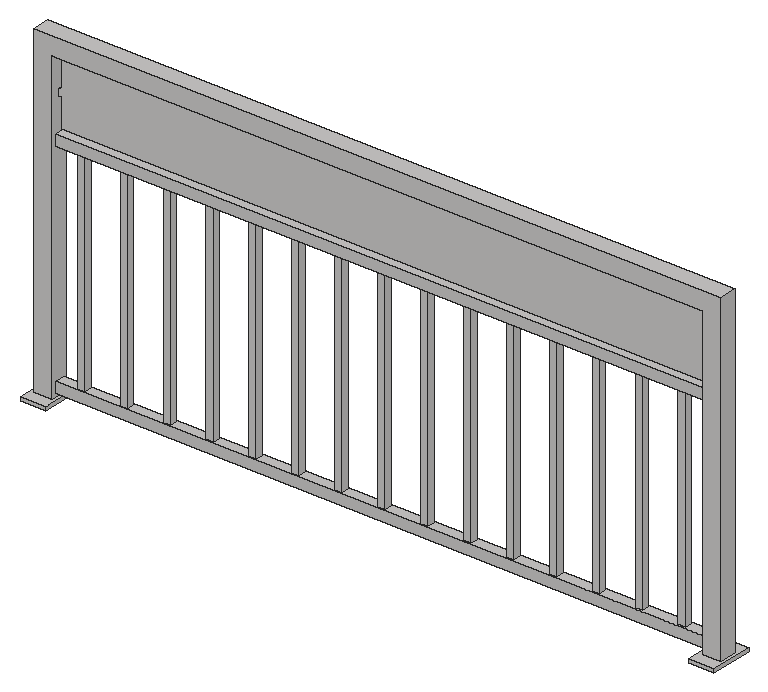
Revit family "Bicycle-Racks_Huntco_Custom-LC", category Site, host Face, Revit 2026
Family settings
  Host = Face
  Round Connector Dimension = Use Diameter
  Part Type = Normal
  Classification Number = 23.40.10.11.11
  Cut with Voids When Loaded = No
  Shared = No
Parameters (values of type "LC14")
  rodcalc = (Unit Width - (0' 11")) / 0' 5 1/2"  # 15.4545
  holediameter = if(Surface Mounted, 0' 0 1/2", 0' 6")  # 0' - 0 1/2"
  holedepth = if(Surface Mounted, 0' 4", 1' 0")  # 0' - 4"
  extralength = if(Surface Mounted, 0' 0", 0' 11")  # 0' - 0"
  Warranty Duration (Years) = 0
  Unit Width = 8' - 0"
  Unit Weight = 0
  Unit Height = 3' - 10"
  Unit Depth = 0' - 2 1/2"
  URL = "http://www.huntco.com/"
  Test Data = ""
  Surface Mounted = yes
  Specification = "http://www.arcat.com/sdspecs/htm/02871hco.htm"
  SpecWizard = ""
  Send Message = "http://www.arcat.com/users.pl?action=UserEmail&company=Huntco+Supply+LLC&coid=39482&rep=133&fax=503-274-2055&mf="
  Sales Information = ""
  Revision = "R1_11_2012"
  Product Properties = ""
  Product Data = "http://www.arcat.com/arcatcos/cos39/arc39482.html"
  Post = Metal - Steel - Huntco - Stainless
  Plate = Metal - Steel - Huntco - Stainless
  Pipe = Metal - Steel - Huntco - Stainless
  No of Rods = rodcalc  # 15
  Model = "LC14"
  Manufacturer Website = "http://www.huntco.com/"
  Manufacturer Phone - Toll Free = "800-547-5909"
  Manufacturer Phone = "503-224-8700"
  Manufacturer Fax = "503-274-2055"
  Manufacturer Address = "Huntco Supply LLC P. O. Box 10385 Portland, OR 97296"
  Manufacturer = "Huntco Supply LLC"
  Maintenance Schedule (Months) = 0
  Keynote = "02871"
  Installation-Fabrication = ""
  Installation Phase = ""
  Green Building-LEED = "http://www.arcat.com/green/clients/leed_data_39482.html"
  Expected Lifespan (Years) = 0
  Embedded Mounted = not(Surface Mounted)  # no
  Drawn By = "Sumex Design, Inc. / Robert S. Weygant, CSI, CDT, SCIP"
  Description = "Huntco LC Series Bike Rack - Model LC14"
  Default Elevation = 4' - 0"
  Copyright = "©Arcat Inc."
  Construction Details = "http://www.arcat.com/details/huntcosu/huntcosu.html?coid=39482"
  Capacity = "Bike Capacity as Specified"
  Building Codes = ""
  Assembly Code = "G2040500"
Types (9): name | rodcalc | Unit Width | No of Rods | Model | Description
  LC14 | 15.4545 | 8' - 0" | 15 | "LC14" | "Huntco LC Series Bike Rack - Model LC14"
  LC13 | 14.3636 | 7' - 6" | 14 | "LC13" | "Huntco LC Series Bike Rack - Model LC13"
  LC12 | 13.2727 | 7' - 0" | 13 | "LC12" | "Huntco LC Series Bike Rack - Model LC12"
  LC11 | 12.1818 | 6' - 6" | 12 | "LC11" | "Huntco LC Series Bike Rack - Model LC11"
  LC10 | 11.0909 | 6' - 0" | 11 | "LC10" | "Huntco LC Series Bike Rack - Model LC10"
  LC9 | 10 | 5' - 6" | 10 | "LC9" | "Huntco LC Series Bike Rack - Model LC9"
  LC8 | 8.9091 | 5' - 0" | 9 | "LC8" | "Huntco LC Series Bike Rack - Model LC8"
  LC7 | 7.8182 | 4' - 6" | 8 | "LC7" | "Huntco LC Series Bike Rack - Model LC7"
  LC6 | 6.7273 | 4' - 0" | 7 | "LC6" | "Huntco LC Series Bike Rack - Model LC6"
Reference planes (in)
  plane 1 "Center (Front/Back)": y = 0
  plane 2: z = 0
  plane 3 "Center (Left/Right)": x = 0
  plane 4: y = 1.25
  plane 5: y = -1.25
  plane 6: x = 48
  plane 7: z = 46
  plane 8: x = -48
  plane 9: z = 0
  plane 10: z = -4
Forms (in)
  Extrusion 1, solid, material "Metal - Steel - Huntco - Stainless" <- "Post"
    sketch origin (0, 0, 0) x (0, 1, 0) y (0, 0, 1)
      loop
        line (0.75, 33.5) -> (-0.75, 33.5) -> (-0.75, 32) -> (0.75, 32) -> (0.75, 33.5)
      loop
        line (0.75, 2.5) -> (-0.75, 2.5) -> (-0.75, 1) -> (0.75, 1) -> (0.75, 2.5)
    from -45.5 to 45.5
  Extrusion 2, solid, material "Metal - Steel - Huntco - Stainless" <- "Post", visible <- "Surface Mounted"
    sketch origin (0, 0, 0) x (1, 0, 0) y (0, 1, 0)
      loop
        line (48.5, 3) -> (45, 3) -> (45, -3) -> (48.5, -3) -> (48.5, 3)
      loop
        line (-48.5, 3) -> (-48.5, -3) -> (-45, -3) -> (-45, 3) -> (-48.5, 3)
    from 0 to 0.5
  Extrusion 3, solid, material "Metal - Steel - Huntco - Stainless" <- "Plate"
    sketch origin (0, 0, 0) x (1, 0, 0) y (0, 0, 1)
      loop
        line (-45, 34) -> (45, 34) -> (45, 38) -> (45.5, 38) -> (45.5, 39) -> (45, 39) -> (45, 43) -> (-45, 43) -> (-45, 39) -> (-45.5, 39) -> (-45.5, 38) -> (-45, 38) -> (-45, 34)
    from -0.125 to 0.125
  Sweep 4, solid, material "Metal - Steel - Huntco - Stainless" <- "Post"
    path origin (0, 0, 0) x (1, 0, 0) y (0, 0, 1)
      loop
        line (-48, 0) -> (-48, 46) -> (48, 46) -> (48, 0)
    profile origin (-48, 0, 23) x (-1, 0, 0) y (0, -1, 0)
      loop
        line (0, 1.25) -> (-2.5, 1.25) -> (-2.5, -1.25) -> (0, -1.25) -> (0, 1.25)
  Extrusion 5, void
    sketch origin (0, 0, 0) x (1, 0, 0) y (0, 1, 0)
      loop
        circle (-46.75, 0) r 0.25
      loop
        circle (46.75, 0) r 0.25
    from -4 to 1
Dimensions and locks (in)
  "Unit Height": plane 7 to level
  equal spacing: plane 4, plane 1 "Center (Front/Back)", plane 5
  "Unit Depth": plane 4 to plane 5
  locked: Extrusion 2 sketch curve to Extrusion 2 sketch curve at 3.5  (x2)
  locked: plane 6 to Extrusion 2 sketch curve at 0.5
  locked: Extrusion 3 sketch curve to Extrusion 3 sketch curve at 0.5
  equal spacing: group 1, group 3, group 4, group 5, group 6, group 7, group 8, group 9, group 10, group 11, group 12, group 13, group 14, group 15, group 2  (x3)
  equal spacing: plane 8, plane 3 "Center (Left/Right)", plane 6
  "Unit Width": plane 8 to plane 6
  locked: Extrusion 2 sketch curve to plane 8 at 0.5
  locked: Extrusion 1 to plane 8 at 2.5
  locked: Extrusion 3 sketch curve to plane 8 at 2.5
  locked: plane 6 to Extrusion 1 at 2.5
  "extralength": host face to plane 9
  "holedepth": host face to plane 10
  locked: plane 8 to Extrusion 5 sketch curve at 1.25
  locked: Extrusion 5 sketch curve to plane 6 at 1.25
  "holediameter": Extrusion 5 sketch curve to Extrusion 5 sketch curve  (x2)
  aligned and locked: plane 2 to host face
  aligned and locked: level to host face
  aligned and locked: Extrusion 3 sketch curve to Extrusion 3 sketch curve  (x2)
  aligned and locked: plane 6 to nested 2
  aligned and locked: plane 8 to Sweep 4 sketch curve
  aligned and locked: Sweep 4 sketch curve to plane 7
  aligned and locked: Sweep 4 sketch curve to plane 6
  aligned and locked: plane 8 to nested 1
  aligned and locked: plane 9 to Sweep 4 sketch curve
  aligned and locked: Sweep 4 sketch curve to plane 9
  aligned and locked: Extrusion 5 to plane 10
Automatic sketch dimensions
  host sketch curve to host sketch curve = 8' - 0"  (x2)
  plane 1 "Center (Front/Back)" to Extrusion 1 sketch curve = 0' - 0 3/4"  (x2)
  Extrusion 1 sketch curve to plane 1 "Center (Front/Back)" = 0' - 0 3/4"  (x2)
  level to Extrusion 1 sketch curve = 0' - 1"
  Extrusion 1 sketch curve to Extrusion 1 sketch curve = 0' - 1 1/2"  (x2)
  Extrusion 1 sketch curve to plane 7 = 1' - 2"
  Extrusion 3 sketch curve to plane 7 = 1' - 0"
  Extrusion 3 sketch curve to Extrusion 3 sketch curve = 0' - 4"  (x2)
  Extrusion 3 sketch curve to Extrusion 3 sketch curve = 0' - 1"  (x2)
  Extrusion 3 sketch curve to plane 7 = 0' - 3"
  plane 1 "Center (Front/Back)" to Sweep 4 sketch curve = 0' - 1 1/4"
  profile plane to Sweep 4 sketch curve = 0' - 2 1/2"
  Sweep 4 sketch curve to plane 1 "Center (Front/Back)" = 0' - 1 1/4"
  Sweep 4 sketch curve to Sweep 4 sketch curve = 0' - 2 1/2"
  Extrusion 3 sketch curve to plane 6 = 0' - 3"
  Extrusion 3 sketch curve to Extrusion 3 sketch curve = 0' - 0 1/2"
  plane 1 "Center (Front/Back)" to Extrusion 2 sketch curve = 0' - 3"  (x2)
  Extrusion 2 sketch curve to plane 1 "Center (Front/Back)" = 0' - 3"  (x2)
  Extrusion 5 sketch curve to plane 1 "Center (Front/Back)" = 0' - 0"  (x2)
Nested families (in)
  nested 1: "Square Rod" at (-48, 0, 0), type "Square Rod"
  nested 2: "Square Rod" at (36, 0, 0), type "Square Rod"
  nested 3: "Square Rod" at (-42, 0, 0), type "Square Rod"
  nested 4: "Square Rod" at (-36, 0, 0), type "Square Rod"
  nested 5: "Square Rod" at (-30, 0, 0), type "Square Rod"
  nested 6: "Square Rod" at (-24, 0, 0), type "Square Rod"
  nested 7: "Square Rod" at (-18, 0, 0), type "Square Rod"
  nested 8: "Square Rod" at (-12, 0, 0), type "Square Rod"
  nested 9: "Square Rod" at (-6, 0, 0), type "Square Rod"
  nested 10: "Square Rod" at (0, 0, 0), type "Square Rod"
  nested 11: "Square Rod" at (6, 0, 0), type "Square Rod"
  nested 12: "Square Rod" at (12, 0, 0), type "Square Rod"
  nested 13: "Square Rod" at (18, 0, 0), type "Square Rod"
  nested 14: "Square Rod" at (24, 0, 0), type "Square Rod"
  nested 15: "Square Rod" at (30, 0, 0), type "Square Rod"
Definition of nested family "Square Rod"
  Parameters
    Warranty Duration (Years) = 0
    Unit Width = 0' - 0"
    Unit Weight = 0
    Unit Length = 8' - 0"
    Unit Depth = 3' - 10"
    URL = "http://www.huntco.com/"
    Test Data = ""
    Specification = "http://www.arcat.com/sdspecs/htm/02871hco.htm"
    SpecWizard = ""
    Send Message = "http://www.arcat.com/users.pl?action=UserEmail&company=Huntco+Supply+LLC&coid=39482&rep=133&fax=503-274-2055&mf="
    Sales Information = ""
    Rod = none
    Revision = "R1_11_2012"
    Product Properties = ""
    Product Data = "http://www.arcat.com/arcatcos/cos39/arc39482.html"
    Model = "As Specified"
    Manufacturer Website = "http://www.huntco.com/"
    Manufacturer Phone - Toll Free = "800-547-5909"
    Manufacturer Phone = "503-224-8700"
    Manufacturer Fax = "503-274-2055"
    Manufacturer Address = "Huntco Supply LLC P. O. Box 10385 Portland, OR 97296"
    Manufacturer = "Huntco Supply LLC"
    Maintenance Schedule (Months) = 0
    Keynote = "02871"
    Installation-Fabrication = ""
    Installation Phase = ""
    Green Building-LEED = "http://www.arcat.com/green/clients/leed_data_39482.html"
    Expected Lifespan (Years) = 0
    Drawn By = "Sumex Design, Inc. / Robert S. Weygant, CSI, CDT, SCIP"
    Description = "Huntco Product as Specified"
    Default Elevation = 4' - 0"
    Copyright = "©Arcat Inc."
    Construction Details = "http://www.arcat.com/details/huntcosu/huntcosu.html?coid=39482"
    Capacity = "Bike Capacity as Specified"
    Building Codes = ""
    Assembly Code = "G2040500"
  Reference planes (in)
    plane 1 "Center (Front/Back)": y = 0
    plane 2: z = 0
    plane 3 "Center (Left/Right)": x = 0
    plane 4: y = 10
    plane 5: y = -10
    plane 6: x = 96
    plane 7: z = 46
    plane 8: x = 12
  Forms (in)
    Extrusion 1, solid
      sketch origin (0, 0, 0) x (1, 0, 0) y (0, 1, 0)
        loop
          line (-48, 48) -> (-48, -48) -> (48, -48) -> (48, 48) -> (-48, 48)
      from 0 to -12
    Extrusion 2, solid, material <- "Rod"
      sketch origin (0, 0, 0) x (1, 0, 0) y (0, 1, 0)
        loop
          line (5.5, 0.5) -> (5.5, -0.5) -> (6.5, -0.5) -> (6.5, 0.5) -> (5.5, 0.5)
      from 2.5 to 32
  Dimensions and locks (in)
    "Unit Depth": plane 7 to level
    equal spacing: plane 4, plane 1 "Center (Front/Back)", plane 5
    plane 4 to plane 5 = 1' - 8"
    "Unit Length": plane 3 "Center (Left/Right)" to plane 6
    aligned and locked: plane 2 to Extrusion 1
    aligned and locked: level to Extrusion 1
  Automatic sketch dimensions
    Extrusion 1 sketch curve to Extrusion 1 sketch curve = 8' - 0"  (x2)
    plane 3 "Center (Left/Right)" to Extrusion 2 sketch curve = 0' - 5 1/2"
    Extrusion 2 sketch curve to Extrusion 2 sketch curve = 0' - 1"  (x2)
    plane 5 to Extrusion 2 sketch curve = 0' - 9 1/2"
